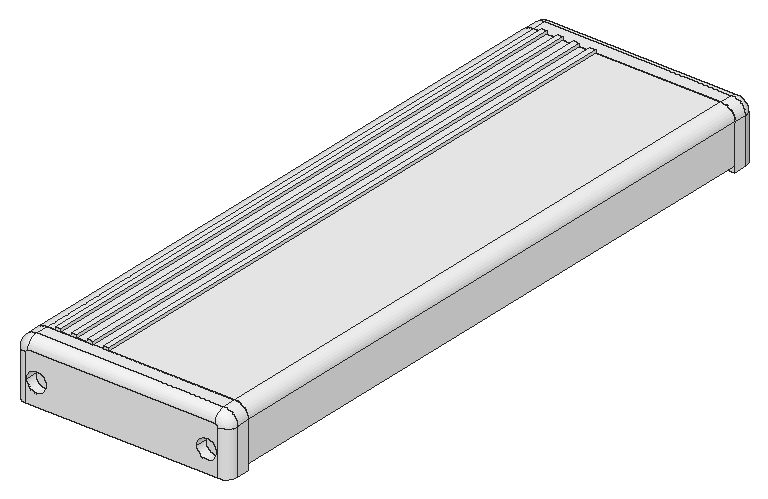
Revit family "JC KONTAKTER JCK218 FI", category Specialty Equipment, host Face, Revit 2025
Family settings
  Host = Face
  Round Connector Dimension = Use Diameter
  Part Type = Normal
  Enable Cutting in Views = Yes
  Cut with Voids When Loaded = No
  Maintain Annotation Orientation = Yes
  Shared = No
  Room Calculation Point = No
Parameters (values of type "JCK218")
  Valmistusmaa = "Ruotsi"
  URL = "https://www.jckontakter.fi/produkt/kyynarkytkin/kyynarkytkin-metalli/kyynarkytkin-jck218/"
  Tuotteen paino = "0.305 kg"
  Tekniken tuotekortti = "https://www.jckontakter.fi/wp-content/uploads/sites/4/Tekninen-tuotekortti_JCK218.245_FI-1.pdf"
  Päätypäät = POM Tenac C 4520 (Valkoinen)
  Pienin nimellisvirta = "12V Resistiivinen 6A Induktiivinen L/R 5ms 6A, 24V Resistiivinen 6A Induktiivinen L/R 5ms 5A"
  Nimellisestä nimellisvirrasta = "1mA/4 V DC"
  Model = "JCK218"
  Mikrokytkin = "Standar NO IP67"
  Mikrokytkimien määrä = 1
  Manufacturer = "JC Kontakter"
  Kansi = Aluminum ENAW 6060 (Valkoinen)
  Description = "Kyynärkytkin, valmistettu valkoiseksi anodisoidusta alumiinista, jossa on valkoiset muoviset päätykappaleet. Neljä merkintäviivaa painopinnassa osoittavat, mistä kytkintä tulee painaa oven avaamisen aktivoimiseksi. Varustettu kosteussuojatulla mikrokytkimellä, jonka suojausluokitus on IP67. Sopii käytettäväksi sekä sisä- että ulkotiloissa."
  Default Elevation = 800 mm
  Kotelo = Aluminum ENAW 6060
  CE asiakirja = "https://jckontakter.se/wp-content/uploads/CE_Dokument.pdf"
Reference planes
  plane 1 "Center (Front/Back)": y = 0
  plane 2: z = 0
  plane 3 "Center (Left/Right)": x = 0
  plane 4 "A": y = -122.5
Lines and regions (mm)
  symbolic lines
    curve 1: line (-50, 0, 50) -> (50, 0, 50)
    curve 2: line (-50, 0, 0) -> (-50, 0, 50)
    curve 3: line (50, 0, 0) -> (-50, 0, 0)
    curve 4: line (50, 0, 50) -> (50, 0, 0)
    curve 5: line (-40, 117.5, 0) -> (40, 117.5, 0)
    curve 6: line (-40, -122.5, 0) -> (-40, 117.5, 0)
    curve 7: line (40, -122.5, 0) -> (-40, -122.5, 0)
    curve 8: line (40, 117.5, 0) -> (40, -122.5, 0)
Text (mm)
  text "Poista tämä tunniste ennen käyttöä.\n\nSijoitusohjeet:\n\n1. Lataa projektiin.\n2. Vie kursori sen pinnan päälle, johon perhe tullaan sijoittamaan.\n3. Jos perhe näkyy kiertyneenä, valitse asetus \"kierrä sijoittamisen jälkeen\".\n4. Napsauta haluttua pintaa.\n5. Kirjoita haluttu kulma.\n6. Paina Enter." at (123.173, 1072.34, 0), in view "Ref. Level"
Dimensions and locks
  aligned and locked: plane 2 to host face
  aligned and locked: level to host face
Nested families
  nested 1: "AK_218" at (0, -122.5, 0) x (1, 0, 0) z (0, 1, 0), type "AK_218"
Definition of nested family "AK_218"
  Parameters (values of type "AK_218")
    Default Elevation = 1219.2 mm
    Core Finish = none
    URL = "https://jckontakter.se/produkt/armbagskontakter-metall/armbagskontakt-i-aluminium-jck218/"
    Model = "JCK218"  # constant formula
    Manufacturer = "JC Kontakter"  # constant formula
    Lid Finish = none
    End Cap Finish = none
    Description = "JCK218 tillhör en serie armbågskontakter som har en plan tryckyta med fyra taktila rillor i. Rillorna fungerar som extra vägledning för personer med synnedsättning. Man kan enkelt känna sig till vart man ska trycka för att aktivera dörröppning. JCK218 är tillverkad i vitlackad aluminium och har vita endcaps. Den levereras med 1st mikrobrytare i IP67, men går även att beställa med fler."  # constant formula
  Reference planes
    plane 1 "Center (Front/Back)": y = 0
    plane 2: z = 0
    plane 3 "Center (Left/Right)": x = 0
    plane 4 "1": x = 40
    plane 5 "A": z = 9
    plane 6 "B": z = 236
  Forms (mm)
    Extrusion 1, solid, material <- "Core Finish"
      sketch origin (40, 0, 9) x (1, 0, 0) y (0, 1, 0)
        loop
          line (-80, 0) -> (-80, -1.2) -> (-75, -1.2) -> (-75, -8.75) -> (-73.2, -8.75) -> (-73.2, -1.2) -> (-11.2, -1.2) -> (-11.2, -8.75) -> (-2.249, -8.75)
          arc (-2.249, -8.75) -> (-3.331, -3.54) -> (-8.11, -1.2) r 6.05
          line (-8.11, -1.2) -> (-5.54, -1.2) -> (-5.54, 0) -> (-80, 0)
      from 0 to 227
    Extrusion 2, solid, material <- "Lid Finish"
      sketch origin (-40, 0, 9) x (-1, 0, 0) y (0, -1, 0)
        loop
          line (-3.92, 11.41) -> (-0.92, 6.4) -> (0, 6.4) -> (0, 16.83)
          arc (0, 16.83) -> (-1.464, 20.366) -> (-5, 21.83) r 5
          line (-5, 21.83) -> (-8, 21.83) -> (-8, 22.83) -> (-10, 22.83) -> (-10, 21.83) -> (-14, 21.83) -> (-14, 22.83) -> (-16, 22.83) -> (-16, 21.83) -> (-20, 21.83) -> (-20, 22.83) -> (-22, 22.83) -> (-22, 21.83) -> (-26, 21.83) -> (-26, 22.83) -> (-28, 22.83) -> (-28, 21.83) -> (-75, 21.83)
          arc (-75, 21.83) -> (-78.536, 20.366) -> (-80, 16.83) r 5
          line (-80, 16.83) -> (-80, 2.38) -> (-78.4, 2.38) -> (-78.4, 11.41) -> (-3.92, 11.41)
      from 0 to 227
    Extrusion 3, solid, material <- "End Cap Finish"
      sketch origin (-40, 0, 0) x (1, 0, 0) y (0, 1, 0)
        loop
          arc (0, -16.83) -> (1.464, -20.366) -> (5, -21.83) r 5
          line (5, -21.83) -> (75, -21.83)
          arc (75, -21.83) -> (78.536, -20.366) -> (80, -16.83) r 5
          line (80, -16.83) -> (80, 0) -> (0, 0) -> (0, -16.83)
      from 0 to 9
    Sweep 4, void
      path origin (0, 0, 0) x (1, 0, 0) y (0, 1, 0)
        loop
          line (42, 0) -> (42, -16.83)
          arc (42, -16.83) -> (39.95, -21.78) -> (35, -23.83) r 7
          line (35, -23.83) -> (-35, -23.83)
          arc (-35, -23.83) -> (-39.95, -21.78) -> (-42, -16.83) r 7
          line (-42, -16.83) -> (-42, 0)
      profile origin (0, -23.83, 0) x (0, -1, 0) y (0, 0, 1)
        loop
          line (-1, 4) -> (-2, 4)
          arc (-2, 4) -> (-3.172, 1.172) -> (-6, 0) r 4
          line (-6, 0) -> (-6, -1) -> (-1, -1) -> (-1, 4)
    Extrusion 5, solid, material <- "End Cap Finish"
      sketch origin (0, 0, 236) x (-1, 0, 0) y (0, -1, 0)
        loop
          arc (40, 16.83) -> (38.536, 20.366) -> (35, 21.83) r 5
          line (35, 21.83) -> (-35, 21.83)
          arc (-35, 21.83) -> (-38.536, 20.366) -> (-40, 16.83) r 5
          line (-40, 16.83) -> (-40, 0) -> (40, 0) -> (40, 16.83)
      from 0 to 9
    Sweep 6, void
      path origin (0, 0, 236) x (-1, 0, 0) y (0, -1, 0)
        loop
          line (-42, 0) -> (-42, 16.83)
          arc (-42, 16.83) -> (-39.95, 21.78) -> (-35, 23.83) r 7
          line (-35, 23.83) -> (35, 23.83)
          arc (35, 23.83) -> (39.95, 21.78) -> (42, 16.83) r 7
          line (42, 16.83) -> (42, 0)
      profile origin (0, -23.83, 236) x (0, -1, 0) y (0, 0, 1)
        loop
          line (-1, 5) -> (-1, 10) -> (-6, 10) -> (-6, 9)
          arc (-6, 9) -> (-3.172, 7.828) -> (-2, 5) r 4
          line (-2, 5) -> (-1, 5)
    Extrusion 7, void
      sketch origin (0, 0, 0) x (1, 0, 0) y (0, 1, 0)
        loop
          circle (-31.75, -8.25) r 3.75
        loop
          circle (31.75, -8.25) r 3.75
      from 0 to 4
  Cuts and joins
    Sweep 4, Sweep 6, Extrusion 7 cuts Extrusion 3
    Sweep 6 cuts Extrusion 5
  Dimensions and locks
    aligned and locked: level to plane 2
